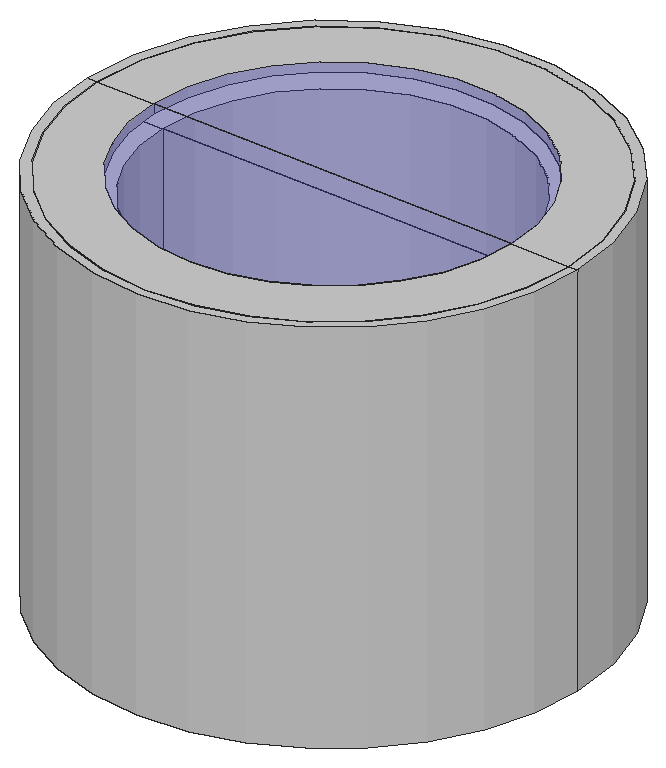
Revit family "77852_HOST_FACE", category Lighting Fixtures, host Face, Revit 2015
Parameters (values of type "In-ground Luminaires")
  Wattage = 10.327 W
  built-in parameter 1150110 = 1 (stored number, unit not read)
  URL = "www.bega-us.com"
  built-in parameter 1114217 = 1 (stored number, unit not read)
  Tilt Angle = 90.00°
  built-in parameter 1150109 = 1 (stored number, unit not read)
  built-in parameter 1150134 = (empty or 0)
  Telephone = "805.684.0533"
  built-in parameter 1150113 = 1 (stored number, unit not read)
  Photometric Web File = "77852-0deg.ies"
  built-in parameter 1150142 = "IESNA:LM-63-1995\r\n[TEST] \r\n[MANUFAC] BEGA\r\n[MORE] Converted by LUMCat V \r\n[MORE] 13.08.2015 / H.R.\r\n[LUMCAT] \r\n[LUMINAIRE] 77852 0°\r\n[LAMPCAT] LED  29W\r\n[LAMPCAT] LED  29W    1515 lm,   34 W\r\n[LAMP] LED  29W\r\nTILT=NONE\r\n1 -1 1 73 1 1 2 -0.245 0 0\r\n1 1 34\r\n0 2.5 5 7.5 10 12.5 15 17.5 20 22.5 25 27.5 30 32.5 35 37.5 40 42.5 45 47.5 50 52.5 55 57.5 60 62.5 65 67.5 70 72.5 75 77.5 80 82.5\r\n 85 87.5 90 92.5 95 97.5 100 102.5 105 107.5 110 112.5 115 117.5 120 122.5 125 127.5 130 132.5 135 137.5 140 142.5 145 147.5 150 \r\n152.5 155 157.5 160 162.5 165 167.5 170 172.5 175 177.5 180\r\n0\r\n0.00 0.00 0.00 0.00 0.00 0.00 0.00 0.00 0.00 0.00 0.00 0.00 0.00 0.00 0.00 0.00 0.00 0.00 0.00 0.00 0.00 0.00 0.00 0.00 0.00 0.00 \r\n0.00 0.00 0.00 0.00 0.00 0.00 0.10 0.10 0.10 0.10 0.20 0.20 0.20 0.20 0.20 0.20 0.20 0.20 0.30 0.20 0.30 0.30 0.30 0.30 0.30 0.40 \r\n0.60 1.10 2.60 5.80 10.60 16.90 26.40 42.80 71.30 124.80 218.10 451.90 999.30 1638.60 2331.90 3273.90 4563.50 6313.90 8737.20 \r\n11572.50 13122.30\r\n"
  Model = "77852"
  Manufacturer = "BEGA-US"
  built-in parameter 1150105 = 122.07 (stored number, unit not read)
  Lumens = 1534 lm
  built-in parameter 1150115 = 1 (stored number, unit not read)
  built-in parameter 1150137 = (empty or 0)
  built-in parameter 1150139 = (empty or 0)
  built-in parameter 1150112 = 1 (stored number, unit not read)
  built-in parameter 1150114 = 1 (stored number, unit not read)
  Lamp = "29.0W LED"
  built-in parameter 1150132 = 2
  built-in parameter 1150102 = (empty or 0)
  built-in parameter 1150107 = 3000 (stored number, unit not read)
  built-in parameter 1150138 = (empty or 0)
  built-in parameter 1150106 = 1.2207 (stored number, unit not read)
  built-in parameter 1150104 = 13.8 (stored number, unit not read)
  Dimming Lamp Color Temperature Shift = <None>
  Description = "In-grade adjustable w/ clear glass for high pressure loads"
  Default Elevation = 0' - 0"
  Color Filter = 16777215
  built-in parameter 1114218 = 1 (stored number, unit not read)
  built-in parameter 1150133 = 10 (stored number, unit not read)
Reference planes (in)
  plane 1 "Center (Front/Back)": y = 0
  plane 2: z = 0
  plane 3 "Center (Left/Right)": x = 0
Dimensions and locks (in)
  aligned and locked: plane 2 to host face
  aligned and locked: level to host face
Nested families (in)
  nested 1: "77852" at (0, 0, 0), type "77852"
Connectors (in)
  electrical at (0, 0, 0)
    settings: on host face, index 1, voltage 0 V, apparent load 0 VA, apparent load phase1 0 VA, apparent load phase2 0 VA, apparent load phase3 0 VA, power factor 1, load classification "Other", number of poles 1, system type 31, power factor state 1, is connector primary yes, connector utility no, sub classification motor no, connector description ""
Definition of nested family "77852"
  Reference planes (in)
    plane 1 "Center (Front/Back)": y = 0
    plane 2: z = 0
    plane 3 "Center (Left/Right)": x = 0
  Forms (in)
    Revolve 1, solid
      sketch origin (0, 0, 0) x (1, 0, 0) y (0, 0, 1)
        loop
          line (6.25, 0) -> (6.25, -10) -> (6.5, -10) -> (6.5, 0) -> (6.25, 0)
        axis (0, 0) -> (0, -10)
      angle from 0 to 360
    Revolve 2, solid
      sketch origin (0, 0, 0) x (1, 0, 0) y (0, 0, 1)
        loop
          line (6.25, 0) -> (4.75, 0) -> (4.75, -0.25) -> (6.25, -0.25) -> (6.25, 0)
        axis (0, 0) -> (0, -0.25)
      angle from 0 to 360
    Revolve 3, solid
      sketch origin (0, 0, 0) x (1, 0, 0) y (0, 0, 1)
        loop
          line (-4.75, 0) -> (-4.75, -0.25) -> (-5.25, -0.25) -> (-5.25, -0.5) -> (0, -0.5) -> (0, 0) -> (-4.75, 0)
        axis (0, 0) -> (0, -0.5)
      angle from 0 to 360
    Revolve 4, solid
      sketch origin (0, 0, 0) x (1, 0, 0) y (0, 0, 1)
        loop
          line (0, -9.25) -> (4.75, -9.25) -> (4.75, -0.75) -> (5.5, -0.75) -> (5.5, -0.5) -> (6.25, -0.5) -> (6.25, -0.25) -> (5.25, -0.25) -> (5.25, -0.5) -> (4.5, -0.5) -> (4.5, -9) -> (0, -9) -> (0, -9.25)
        axis (0, -0.25) -> (0, -9.25)
      angle from 0 to 360
  Dimensions and locks (in)
    aligned and locked: plane 2 to level
Types (5): name | Wattage | built-in parameter 1150134 | Photometric Web File | built-in parameter 1150142 | Model | built-in parameter 1150105 | Lumens | Lamp | built-in parameter 1150107 | built-in parameter 1150106 | Description | Default Elevation
  (no name) | 10.327 W | (empty or 0) | "77852-0deg.ies" | "IESNA:LM-63-1995\r\n[TEST] \r\n[MANUFAC] BEGA\r\n[MORE] Converted by LUMCat V \r\n[MORE] 13.08.2015 / H.R.\r\n[LUMCAT] \r\n[LUMINAIRE] 77852 0°\r\n[LAMPCAT] LED  29W\r\n[LAMPCAT] LED  29W    1515 lm,   34 W\r\n[LAMP] LED  29W\r\nTILT=NONE\r\n1 -1 1 73 1 1 2 -0.245 0 0\r\n1 1 34\r\n0 2.5 5 7.5 10 12.5 15 17.5 20 22.5 25 27.5 30 32.5 35 37.5 40 42.5 45 47.5 50 52.5 55 57.5 60 62.5 65 67.5 70 72.5 75 77.5 80 82.5\r\n 85 87.5 90 92.5 95 97.5 100 102.5 105 107.5 110 112.5 115 117.5 120 122.5 125 127.5 130 132.5 135 137.5 140 142.5 145 147.5 150 \r\n152.5 155 157.5 160 162.5 165 167.5 170 172.5 175 177.5 180\r\n0\r\n0.00 0.00 0.00 0.00 0.00 0.00 0.00 0.00 0.00 0.00 0.00 0.00 0.00 0.00 0.00 0.00 0.00 0.00 0.00 0.00 0.00 0.00 0.00 0.00 0.00 0.00 \r\n0.00 0.00 0.00 0.00 0.00 0.00 0.10 0.10 0.10 0.10 0.20 0.20 0.20 0.20 0.20 0.20 0.20 0.20 0.30 0.20 0.30 0.30 0.30 0.30 0.30 0.40 \r\n0.60 1.10 2.60 5.80 10.60 16.90 26.40 42.80 71.30 124.80 218.10 451.90 999.30 1638.60 2331.90 3273.90 4563.50 6313.90 8737.20 \r\n11572.50 13122.30\r\n" | "77852" | 122.07 (stored number, unit not read) | 1534 lm | "29.0W LED" | 3000 (stored number, unit not read) | 1.2207 (stored number, unit not read) | "In-grade adjustable w/ clear glass for high pressure loads" | 0' - 0"
  Wall Luminaires - Directed Light | 18.4392 W | (empty or 0) | "generic" | (empty or 0) | "2260LED" | 217.96 (stored number, unit not read) | 2739 lm | "44.6W LED" | 3000 (stored number, unit not read) | 2.1796 (stored number, unit not read) | "Surface wall with cutoff optics" | 6' - 0"
  Wall Luminaires - Linear | 9.92985 W | 9 | "generic" | (empty or 0) | "4425P" | 117.38 (stored number, unit not read) | 1475 lm | "(1) 39W CF twin-4-p" | 3450 (stored number, unit not read) | 1.1738 (stored number, unit not read) | "Suface wall - linear with white acrylic diffuser" | 6' - 0"
  Ceiling and Wall Luminaires - Unshielded | 2.66591 W | (empty or 0) | "33508.ies" | "IESNA:LM-63-2002\r\n[TEST] L05135312R01\r\n[TESTLAB] LIGHT LABORATORY, INC.\r\n[ISSUEDATE] 06/03/2013\r\n[MANUFAC] BEGA US\r\n[LUMCAT] 33 508\r\n[LUMINAIRE] 8-1/4\"DIA. X 4-3/4\"H. SURFACE WALL LED FIXTURE\r\n[MORE] CRYSTAL GLASS WITH INTERNAL TEXTURE\r\n[MORE] DIE CAST ALUMINIUM COVER TOP\r\n[BALLASTCAT] INVENTRONICS LUC-012S035DSM\r\n[BALLAST] INPUT:100-277VAC, 0.2A, 50/60HZ OUTPUT:17-34VDC, 0.035-0.35A\r\n[LAMPPOSITION] 0,0\r\n[LAMPCAT] N/A\r\n[OTHER] INDICATING THE CANDELA VALUES ARE ABSOLUTE AND\r\n[MORE] SHOULD NOT BE FACTORED FOR DIFFERENT LAMP RATINGS.\r\n[_INPUT] 120VAC, 9.69W\r\n[_TEST PROCEDURE] IESNA:LM-79-08\r\nTILT=NONE\r\n1 -1 1 73 145 1 1 -0.65 -0.65 0.21\r\n1 1 9.69\r\n0 2.5 5 7.5 10 12.5 15 17.5 20 22.5 25 27.5 30 32.5 35 37.5 40 42.5 45 47.5 50 52.5 55 57.5 60 62.5 65 67.5 70 72.5 75 77.5 80 82.5 85 87.5 90 92.5 95 97.5 100 102.5 105 107.5 110 112.5 115 117.5 120 122.5 125 127.5 130 132.5 135 137.5 140 142.5 145 147.5\r\n 150 152.5 155 157.5 160 162.5 165 167.5 170 172.5 175 177.5 180\r\n0 2.5 5 7.5 10 12.5 15 17.5 20 22.5 25 27.5 30 32.5 35 37.5 40 42.5 45 47.5 50 52.5 55 57.5 60 62.5 65 67.5 70 72.5 75 77.5 80 82.5 85 87.5 90 92.5 95 97.5 100 102.5 105 107.5 110 112.5 115 117.5 120 122.5 125 127.5 130 132.5 135 137.5 140 142.5 145 147.5\r\n 150 152.5 155 157.5 160 162.5 165 167.5 170 172.5 175 177.5 180 182.5 185 187.5 190 192.5 195 197.5 200 202.5 205 207.5 210 212.5 215 217.5 220 222.5 225 227.5 230 232.5 235 237.5 240 242.5 245 247.5 250 252.5 255 257.5 260 262.5 265 267.5 270 272.5 275 \r\n277.5 280 282.5 285 287.5 290 292.5 295 297.5 300 302.5 305 307.5 310 312.5 315 317.5 320 322.5 325 327.5 330 332.5 335 337.5 340 342.5 345 347.5 350 352.5 355 357.5 360\r\n0.99 1.69 2.39 4.97 7.54 11.07 14.60 18.59 22.58 26.38 30.18 33.83 37.48 40.95 44.41 47.75 51.09 54.11 57.13 59.94 62.75 65.23 67.70 69.92 72.13 73.96 75.78 77.27 78.75 79.91 81.07 81.96 82.84 83.46 84.07 84.22 84.36 84.66 84.96 85.40 85.84 86.25 86.66 \r\n86.97 87.28 87.42 87.55 87.38 87.21 86.65 86.08 85.15 84.21 82.86 81.51 79.83 78.14 76.04 73.94 71.52 69.10 66.39 63.67 60.61 57.54 54.10 50.65 47.21 43.76 40.59 37.41 35.06 32.00\r\n0.99 1.69 2.39 4.96 7.54 11.05 14.60 18.56 22.58 26.35 30.18 33.79 37.48 40.90 44.42 47.70 51.08 54.04 57.12 59.88 62.77 65.17 67.70 69.86 72.17 73.90 75.70 77.20 78.68 79.85 80.99 81.89 82.77 83.41 83.99 84.24 84.45 84.73 85.05 85.45 85.88 86.26 86.64 \r\n86.97 87.29 87.44 87.57 87.39 87.21 86.61 86.06 85.10 84.20 82.82 81.50 79.77 78.11 75.99 73.93 71.48 69.10 66.35 63.67 60.57 57.54 54.07 50.64 47.19 43.76 40.57 37.41 35.06 32.00\r\n0.99 1.69 2.39 4.93 7.54 11.00 14.60 18.48 22.57 26.24 30.03 33.67 37.29 40.76 44.22 47.53 50.83 53.85 56.85 59.68 62.50 64.97 67.40 69.65 71.87 73.72 75.50 77.01 78.47 79.66 80.77 81.72 82.55 83.26 83.78 84.24 84.53 84.83 85.17 85.57 85.94 86.30 86.66 \r\n87.00 87.28 87.42 87.49 87.32 87.09 86.53 85.91 85.00 84.04 82.71 81.34 79.65 77.94 75.87 73.78 71.38 68.96 66.26 63.54 60.49 57.53 53.99 50.64 47.13 43.76 40.55 37.41 35.05 32.00\r\n0.99 1.68 2.39 4.90 7.54 10.92 14.41 18.34 22.28 26.07 29.85 33.46 37.06 40.52 43.96 47.26 50.53 53.55 56.53 59.36 62.15 64.65 67.04 69.29 71.47 73.36 75.11 76.68 78.11 79.37 80.44 81.44 82.26 83.01 83.59 84.05 84.46 84.84 85.24 85.63 85.99 86.38 86.68 \r\n87.01 87.24 87.40 87.41 87.25 86.95 86.39 85.74 84.85 83.85 82.52 81.13 79.46 77.73 75.68 73.59 71.21 68.79 66.10 63.38 60.35 57.28 53.87 50.45 47.05 43.75 40.50 37.41 35.04 32.00\r\n0.99 1.68 2.39 4.84 7.38 10.80 14.27 18.15 22.06 25.83 29.58 33.18 36.75 40.19 43.59 46.87 50.11 53.14 56.08 58.91 61.66 64.19 66.55 68.80 70.93 72.90 74.62 76.24 77.62 79.03 80.04 81.08 81.93 82.66 83.33 83.88 84.39 84.81 85.21 85.61 86.00 86.36 86.68 \r\n87.02 87.18 87.33 87.26 87.11 86.73 86.22 85.50 84.62 83.56 82.26 80.85 79.21 77.45 75.42 73.31 70.96 68.54 65.89 63.16 60.15 57.09 53.70 50.31 46.93 43.56 40.44 37.41 35.02 32.00\r\n0.99 1.67 2.35 4.78 7.29 10.65 14.09 17.90 21.78 25.52 29.24 32.81 36.35 39.77 43.13 46.38 49.57 52.62 55.53 58.34 61.03 63.60 65.92 68.17 70.26 72.33 73.98 75.66 77.09 78.40 79.61 80.59 81.52 82.34 83.00 83.61 84.15 84.63 85.08 85.53 85.92 86.27 86.63 \r\n86.87 87.06 87.16 87.05 86.92 86.45 85.96 85.18 84.32 83.19 81.92 80.47 78.88 77.10 75.10 72.97 70.64 68.21 65.59 62.87 59.90 56.84 53.48 50.12 46.77 43.45 40.35 37.30 35.00 32.00\r\n0.99 1.66 2.34 4.70 7.18 10.46 13.86 17.60 21.43 25.15 28.82 32.37 35.86 39.25 42.56 45.80 48.95 52.01 54.85 57.66 60.30 62.92 65.17 67.43 69.50 71.51 73.33 74.94 76.49 77.78 79.02 80.12 81.02 81.87 82.64 83.32 83.90 84.42 84.88 85.34 85.74 86.15 86.43 \r\n86.66 86.88 86.84 86.77 86.52 86.08 85.56 84.78 83.96 82.75 81.52 80.03 78.47 76.64 74.69 72.55 70.25 67.82 65.24 62.52 59.58 56.53 53.22 49.90 46.59 43.31 40.25 37.25 34.98 32.00\r\n0.99 1.66 2.32 4.60 7.06 10.24 13.60 17.25 21.04 24.72 28.33 31.85 35.28 38.65 41.90 45.11 48.21 51.28 54.07 56.84 59.44 62.01 64.35 66.55 68.67 70.62 72.57 74.17 75.72 77.13 78.34 79.47 80.58 81.39 82.15 82.88 83.50 84.07 84.58 85.08 85.52 85.84 86.13 \r\n86.41 86.47 86.46 86.40 86.04 85.64 85.02 84.27 83.38 82.23 80.99 79.50 77.99 76.12 74.21 72.04 69.80 67.37 64.83 62.11 59.22 56.17 52.91 49.64 46.37 43.16 40.14 37.19 34.95 32.00\r\n0.99 1.65 2.30 4.49 6.91 9.99 13.30 16.85 20.58 24.22 27.76 31.25 34.62 37.96 41.15 44.32 47.36 50.37 53.16 55.88 58.50 61.00 63.44 65.59 67.71 69.68 71.57 73.39 74.87 76.30 77.66 78.77 79.81 80.77 81.62 82.42 83.10 83.69 84.20 84.68 85.06 85.44 85.79 \r\n85.92 85.99 86.02 85.78 85.48 85.07 84.39 83.70 82.70 81.60 80.34 78.90 77.34 75.51 73.65 71.47 69.28 66.84 64.37 61.64 58.80 55.76 52.55 49.34 46.13 42.97 40.00 37.12 34.92 32.00\r\n0.99 1.63 2.28 4.37 6.75 9.71 12.96 16.41 20.06 23.66 27.13 30.58 33.89 37.17 40.30 43.41 46.42 49.35 52.17 54.82 57.44 59.91 62.33 64.55 66.63 68.68 70.53 72.31 73.99 75.40 76.73 77.98 79.10 80.03 80.90 81.73 82.44 83.06 83.62 84.13 84.59 84.90 85.18 \r\n85.32 85.45 85.30 85.09 84.85 84.29 83.69 82.92 81.93 80.92 79.57 78.21 76.59 74.82 72.93 70.85 68.68 66.26 63.83 61.11 58.33 55.30 52.15 49.00 45.85 42.77 39.85 37.05 34.88 32.00\r\n0.99 1.62 2.25 4.23 6.56 9.39 12.58 15.91 19.49 23.05 26.44 29.83 33.07 36.27 39.37 42.41 45.39 48.24 51.08 53.66 56.26 58.74 61.10 63.45 65.49 67.49 69.42 71.13 72.82 74.43 75.75 76.97 78.12 79.17 80.11 81.03 81.78 82.41 82.96 83.43 83.84 84.17 84.46 \r\n84.66 84.59 84.46 84.32 83.94 83.45 82.89 82.01 81.08 79.99 78.74 77.41 75.75 74.06 72.15 70.12 67.98 65.62 63.21 60.52 57.81 54.78 51.70 48.62 45.54 42.54 39.68 36.96 34.84 32.00\r\n0.99 1.61 2.22 4.08 6.36 9.05 12.16 15.36 18.86 22.35 25.68 28.98 32.18 35.30 38.36 41.31 44.26 47.05 49.79 52.47 54.99 57.48 59.81 62.09 64.30 66.25 68.13 69.94 71.57 73.11 74.56 75.95 77.08 78.13 79.07 80.00 80.75 81.43 82.03 82.54 83.01 83.40 83.56 \r\n83.64 83.64 83.58 83.30 82.97 82.56 81.82 81.02 80.13 78.99 77.81 76.42 74.83 73.19 71.30 69.34 67.17 64.92 62.50 59.87 57.21 54.22 51.21 48.21 45.20 42.30 39.49 36.87 34.79 32.00\r\n0.99 1.59 2.19 3.91 6.14 8.68 11.71 14.76 18.17 21.58 24.86 28.07 31.21 34.24 37.25 40.14 43.00 45.76 48.47 51.15 53.64 56.08 58.44 60.68 62.86 64.98 66.80 68.54 70.23 71.77 73.20 74.56 75.80 76.96 77.98 79.01 79.72 80.49 81.03 81.51 81.91 82.21 82.42 \r\n82.57 82.59 82.43 82.21 81.95 81.38 80.69 79.97 78.98 77.93 76.78 75.34 73.86 72.17 70.37 68.49 66.32 64.13 61.73 59.18 56.52 53.61 50.69 47.76 44.83 42.03 39.29 36.77 34.74 32.00\r\n0.99 1.58 2.16 3.74 5.91 8.27 11.23 14.17 17.44 20.75 23.97 27.08 30.26 33.10 36.03 38.89 41.65 44.41 47.05 49.65 52.26 54.60 56.95 59.20 61.33 63.39 65.39 67.12 68.74 70.29 71.79 73.15 74.39 75.53 76.56 77.51 78.32 79.05 79.68 80.20 80.64 80.99 81.22 \r\n81.31 81.31 81.22 81.06 80.61 80.09 79.50 78.68 77.79 76.80 75.55 74.20 72.77 71.09 69.36 67.47 65.41 63.36 60.88 58.43 55.77 52.96 50.12 47.28 44.43 41.73 39.08 36.67 34.69 32.00\r\n0.99 1.56 2.13 3.55 5.66 7.84 10.71 13.57 16.65 19.86 23.02 26.03 29.01 31.90 34.74 37.68 40.24 42.93 45.54 48.12 50.66 53.12 55.37 57.58 59.71 61.72 63.64 65.50 67.24 68.75 70.19 71.55 72.83 74.02 75.10 76.12 76.92 77.71 78.29 78.80 79.21 79.54 79.78 \r\n79.94 80.00 79.84 79.55 79.19 78.77 78.08 77.32 76.49 75.46 74.25 73.01 71.51 69.94 68.40 66.38 64.44 62.30 59.98 57.64 54.98 52.26 49.52 46.77 44.00 41.42 38.84 36.55 34.63 32.00\r\n0.99 1.54 2.09 3.35 5.39 7.43 10.16 12.92 15.82 18.91 21.98 24.91 27.79 30.64 33.38 36.09 38.80 41.38 43.97 46.51 48.98 51.42 53.74 55.87 57.95 59.97 61.85 63.65 65.39 67.03 68.57 69.90 71.14 72.30 73.37 74.34 75.24 75.98 76.62 77.17 77.64 78.02 78.31 \r\n78.38 78.35 78.20 77.99 77.69 77.18 76.58 75.90 75.01 74.00 72.91 71.63 70.19 68.71 67.06 65.23 63.38 61.26 59.04 56.72 54.14 51.51 48.87 46.22 43.56 41.09 38.60 36.43 34.57 32.00\r\n0.99 1.52 2.05 3.13 5.11 7.08 9.58 12.24 14.94 17.92 20.87 23.74 26.51 29.28 31.95 34.60 37.24 39.78 42.31 44.79 47.24 49.59 51.90 54.10 56.12 58.07 59.95 61.77 63.45 65.05 66.56 67.97 69.28 70.50 71.60 72.66 73.55 74.34 74.92 75.45 75.90 76.23 76.44 \r\n76.56 76.61 76.54 76.28 75.94 75.51 75.04 74.26 73.40 72.47 71.44 70.14 68.81 67.36 65.73 64.03 62.18 60.15 58.04 55.72 53.26 50.73 48.20 45.65 43.12 40.74 38.34 36.30 34.51 32.00\r\n0.99 1.50 2.01 2.91 4.81 6.70 8.96 11.53 14.08 16.87 19.70 22.66 25.18 27.84 30.47 33.04 35.57 38.14 40.58 43.00 45.40 47.70 49.92 52.10 54.19 56.14 57.96 59.72 61.41 63.03 64.53 65.93 67.23 68.42 69.52 70.51 71.42 72.19 72.86 73.43 73.92 74.30 74.57 \r\n74.69 74.71 74.62 74.44 74.17 73.78 73.18 72.50 71.73 70.83 69.75 68.60 67.35 65.89 64.35 62.77 60.90 58.98 57.12 54.66 52.32 49.91 47.48 45.04 42.66 40.37 38.06 36.17 34.44 32.00\r\n0.99 1.48 1.97 2.68 4.50 6.31 8.32 10.78 13.22 15.77 18.48 21.16 23.80 26.33 28.89 31.41 33.86 36.35 38.78 41.14 43.43 45.71 47.89 50.01 52.04 54.02 55.92 57.63 59.27 60.83 62.32 63.74 65.07 66.28 67.40 68.46 69.29 70.13 70.77 71.35 71.83 72.20 72.46 \r\n72.61 72.68 72.66 72.54 72.21 71.79 71.28 70.69 69.89 69.02 68.04 67.01 65.70 64.36 62.93 61.31 59.58 57.76 55.77 53.57 51.33 49.06 46.74 44.40 42.17 39.98 37.77 36.03 34.37 32.00\r\n0.99 1.46 1.93 2.43 4.17 5.91 7.65 10.00 12.33 14.66 17.21 19.78 22.33 24.77 27.24 29.67 32.11 34.48 36.86 39.20 41.43 43.60 45.75 47.87 49.85 51.73 53.57 55.32 57.01 58.61 60.06 61.42 62.70 63.90 65.05 66.07 66.96 67.75 68.45 69.06 69.56 69.96 70.29 \r\n70.50 70.56 70.50 70.35 70.11 69.77 69.32 68.65 67.91 67.14 66.28 65.19 64.02 62.78 61.38 59.81 58.21 56.47 54.49 52.43 50.33 48.17 45.96 43.74 41.67 39.58 37.47 35.88 34.30 32.00\r\n0.99 1.44 1.88 2.32 3.84 5.48 7.12 9.18 11.40 13.59 15.90 18.34 20.76 23.19 25.54 27.87 30.27 32.56 34.88 37.12 39.33 41.45 43.51 45.52 47.49 49.39 51.17 52.87 54.51 56.08 57.56 58.94 60.24 61.46 62.68 63.78 64.63 65.47 66.10 66.70 67.18 67.57 67.88 68.09\r\n 68.19 68.22 68.15 67.95 67.57 67.11 66.53 65.89 65.17 64.32 63.33 62.31 61.07 59.70 58.25 56.77 55.02 53.16 51.26 49.26 47.24 45.16 43.10 41.14 39.16 37.22 35.72 34.22 32.00\r\n0.99 1.41 1.83 2.25 3.49 5.04 6.59 8.34 10.43 12.50 14.69 16.86 19.14 21.49 23.78 26.05 28.32 30.60 32.86 35.01 37.12 39.18 41.32 43.13 45.01 46.84 48.60 50.33 51.97 53.51 54.94 56.29 57.57 58.77 59.95 60.98 61.89 62.69 63.41 64.05 64.57 65.00 65.38 65.65\r\n 65.80 65.81 65.73 65.53 65.25 64.87 64.48 63.75 63.06 62.31 61.45 60.42 59.23 57.98 56.66 55.16 53.53 51.80 50.16 48.17 46.27 44.33 42.44 40.60 38.72 36.98 35.56 34.14 32.00\r\n0.99 1.39 1.78 2.18 3.12 4.59 6.05 7.57 9.44 11.38 13.32 15.33 17.49 19.72 21.91 24.17 26.33 28.52 30.69 32.85 34.85 36.84 38.76 40.65 42.48 44.26 45.96 47.63 49.22 50.75 52.19 53.55 54.83 56.04 57.20 58.27 59.14 60.00 60.69 61.35 61.89 62.33 62.71 62.98 \r\n63.13 63.21 63.20 63.09 62.89 62.51 62.07 61.53 60.94 60.28 59.39 58.40 57.35 56.21 54.93 53.48 52.00 50.40 48.77 47.06 45.28 43.56 41.77 40.04 38.27 36.73 35.40 34.06 32.00\r\n0.99 1.36 1.73 2.10 2.75 4.12 5.49 6.84 8.41 10.23 12.05 13.86 15.81 17.90 19.99 22.17 24.29 26.37 28.42 30.48 32.48 34.45 36.29 38.10 39.85 41.57 43.25 44.89 46.45 47.92 49.34 50.69 51.94 53.14 54.28 55.30 56.22 57.03 57.77 58.44 59.01 59.50 59.91 60.24 \r\n60.46 60.57 60.59 60.50 60.33 60.06 59.73 59.30 58.71 58.00 57.23 56.36 55.43 54.29 53.08 51.77 50.41 48.97 47.47 45.91 44.26 42.67 41.07 39.46 37.81 36.47 35.23 33.97 32.00\r\n0.99 1.34 1.68 2.03 2.38 3.64 4.91 6.17 7.42 9.05 10.75 12.43 14.18 16.04 18.04 20.09 22.15 24.17 26.11 28.06 29.96 31.85 33.69 35.58 37.18 38.82 40.43 42.00 43.52 44.97 46.39 47.73 48.99 50.19 51.34 52.41 53.29 54.14 54.84 55.51 56.09 56.59 57.02 57.38 \r\n57.60 57.76 57.85 57.86 57.76 57.65 57.24 56.81 56.30 55.70 55.04 54.25 53.31 52.29 51.20 50.04 48.81 47.52 46.15 44.74 43.24 41.83 40.36 38.86 37.36 36.20 35.05 33.88 32.00\r\n0.99 1.31 1.63 1.95 2.27 3.15 4.32 5.48 6.63 7.84 9.41 10.96 12.61 14.24 16.05 17.96 19.98 21.94 23.78 25.74 27.40 29.17 30.93 32.64 34.32 35.95 37.56 39.08 40.55 41.95 43.31 44.60 45.81 46.98 48.10 49.15 50.12 50.95 51.70 52.39 53.00 53.53 54.00 54.43 \r\n54.72 54.93 55.07 55.09 54.98 54.81 54.58 54.28 53.87 53.51 52.69 51.95 51.13 50.25 49.29 48.28 47.18 46.04 44.80 43.54 42.26 40.97 39.63 38.25 36.98 35.93 34.87 33.79 32.00\r\n0.99 1.28 1.57 1.87 2.17 2.65 3.71 4.78 5.83 6.88 8.05 9.48 11.01 12.51 14.17 15.93 17.80 19.71 21.41 23.07 24.78 26.45 28.13 29.76 31.36 32.91 34.47 35.96 37.41 38.80 40.14 41.40 42.59 43.74 44.85 45.96 46.95 47.82 48.55 49.24 49.86 50.40 50.89 51.33 \r\n51.64 51.86 52.02 52.11 52.10 52.04 51.91 51.67 51.26 50.79 50.24 49.63 48.93 48.32 47.37 46.51 45.54 44.53 43.43 42.38 41.27 40.10 38.89 37.63 36.62 35.66 34.69 33.70 32.00\r\n0.99 1.26 1.52 1.78 2.05 2.32 3.10 4.06 5.01 5.96 6.92 7.98 9.38 10.79 12.33 13.87 15.66 17.48 18.98 20.51 22.13 23.70 25.29 26.84 28.36 29.85 31.35 32.79 34.18 35.53 36.83 38.06 39.23 40.36 41.44 42.48 43.46 44.31 45.09 45.83 46.49 47.07 47.60 48.09 \r\n48.47 48.76 48.98 49.11 49.13 49.09 48.98 48.81 48.52 48.19 47.76 47.31 46.72 46.12 45.43 44.70 43.87 43.00 42.13 41.23 40.26 39.21 38.13 37.08 36.24 35.38 34.50 33.61 32.00\r\n0.99 1.23 1.46 1.70 1.94 2.18 2.47 3.33 4.18 5.03 5.89 6.80 7.77 9.04 10.46 11.90 13.50 15.08 16.52 17.94 19.44 20.92 22.42 23.88 25.30 26.72 28.15 29.54 30.89 32.20 33.47 34.69 35.85 36.97 38.14 39.05 39.97 40.85 41.74 42.39 43.09 43.69 44.24 44.74 45.14\r\n 45.46 45.70 45.88 45.99 46.04 46.02 45.93 45.77 45.58 45.29 44.94 44.52 44.03 43.48 42.87 42.21 41.56 40.84 40.07 39.23 38.31 37.36 36.60 35.86 35.09 34.31 33.51 32.00\r\n0.99 1.20 1.40 1.61 1.83 2.03 2.24 2.59 3.34 4.09 4.84 5.67 6.55 7.52 8.65 9.87 11.27 12.68 14.03 15.39 16.78 18.15 19.53 20.89 22.22 23.56 24.91 26.24 27.53 28.79 30.00 31.18 32.30 33.42 34.48 35.40 36.26 37.13 37.96 38.73 39.44 40.08 40.67 41.21 41.68 \r\n42.06 42.39 42.65 42.85 43.00 43.08 43.12 43.09 43.00 42.83 42.60 42.30 41.93 41.60 41.12 40.66 40.12 39.54 38.89 38.19 37.40 36.75 36.12 35.47 34.80 34.12 33.42 32.00\r\n0.99 1.17 1.35 1.53 1.71 1.89 2.07 2.24 2.48 3.13 3.78 4.52 5.30 6.20 7.15 8.16 9.18 10.26 11.52 12.80 14.09 15.38 16.65 17.92 19.17 20.43 21.68 22.93 24.16 25.36 26.52 27.65 28.75 29.86 31.02 31.79 32.54 33.47 34.39 35.09 35.82 36.49 37.13 37.73 38.27 \r\n38.73 39.14 39.49 39.79 40.02 40.20 40.34 40.42 40.42 40.36 40.24 40.12 39.95 39.72 39.43 39.09 38.68 38.22 37.71 37.15 36.65 36.17 35.63 35.08 34.50 33.92 33.32 32.00\r\n0.99 1.14 1.29 1.44 1.59 1.74 1.89 2.04 2.19 2.35 2.71 3.36 4.04 4.85 5.71 6.63 7.56 8.52 9.49 10.52 11.56 12.61 13.74 14.93 16.11 17.29 18.45 19.62 20.77 21.90 23.01 24.10 25.15 26.24 27.30 28.20 29.06 29.95 30.80 31.59 32.34 33.04 33.71 34.35 34.94 \r\n35.46 35.94 36.35 36.73 37.04 37.32 37.58 37.81 37.95 38.05 38.10 38.10 38.03 37.92 37.74 37.53 37.23 36.90 36.60 36.33 35.96 35.58 35.13 34.68 34.21 33.72 33.22 32.00\r\n0.99 1.11 1.23 1.35 1.47 1.59 1.71 1.83 1.95 2.09 2.23 2.49 2.78 3.49 4.25 5.08 5.91 6.79 7.67 8.61 9.55 10.53 11.51 12.51 13.51 14.53 15.54 16.57 17.58 18.60 19.61 20.61 21.60 22.74 23.74 24.65 25.58 26.46 27.35 28.22 28.91 29.65 30.37 31.07 31.74 32.33 \r\n32.90 33.42 33.90 34.34 34.75 35.10 35.41 35.63 35.82 35.9
